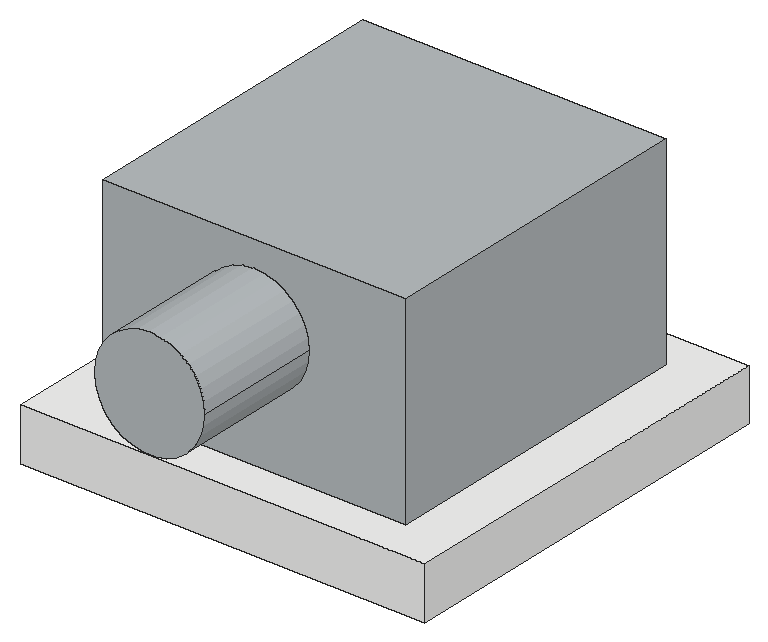
Revit family "v-251bz5_50Hz", category 機械設備, Revit 2019
Family settings
  丸型コネクタ寸法 = 直径を使用
  パーツ タイプ = 標準
  OmniClass 番号 = 23.75.35.17.27
  OmniClass タイトル = Centrifugal Fans
  作業面ベース = いいえ
  常に垂直 = はい
  ロード時にボイドで切り取り = いいえ
  共有 = いいえ
  部屋計算ポイント = はい
Parameters (values of type "V-251BZ5")
  騒音レベル(dB(A)) [instance] = 44
  風量 [instance] = 170.0 m³/h
  電源種別 [instance] = ""
  電圧 = 200 V
  電動機出力 = 0 W
  電動機_種別 [instance] = ""
  運転質量 = 0.00 kg
  連動 [instance] = ""
  質量 = if(製品質量 > 運転質量, 製品質量, 運転質量) * 1.2  # 8.88 kg
  負荷分類 = 3_ファン類
  説明 = "バス乾燥・暖房・換気システム コンパクトタイプ"
  設計風量 [instance] = 0.0 m³/h
  設置方法 = "カセット形"
  記号 [instance] = ""
  製造元 = "三菱電機株式会社"
  製品質量 = 7.40 kg
  製品出荷対象 = "国内"
  製品リリース年月 = "2022年6月1日"
  製品グループ = ""
  系統 [instance] = ""
  符号 [instance] = if(☑給気／□排気, "FS", "FE")  # "FE"
  積算_科目 = "2 換気設備"
  積算_拾い区分 [instance] = ""
  相 = 1
  盤記号 [instance] = ""
  発停方法 [instance] = ""
  特殊仕様 [instance] = ""
  点検口離隔 = 150 mm
  点検口_Depth = 450 mm
  点検口 = yes
  火災停止 [instance] = ""
  消費電力 = 1900 W
  法定耐用年数 = "10"
  機外静圧 [instance] = 0.0 Pa
  極数 = 3
  材質 [instance] = ""
  操作・制御方式 = ""
  操作・制御スイッチ = ""
  排気量 [instance] = if(☑給気／□排気, 0.0 m³/h, 設計風量)  # 0.0 m³/h
  形式 = ""
  幹線記号 [instance] = ""
  対象室 [instance] = ""
  実風量 [instance] = 0.0 m³/h
  始動方式 [instance] = "直入"
  本体固定用穴ピッチ2 = 324 mm
  本体固定用穴ピッチ1 = 210 mm
  外気量 [instance] = if(☑給気／□排気, 設計風量, 0.0 m³/h)  # 0.0 m³/h
  呼称 = "天井扇"
  周波数 = 50 Hz
  参照している仕様書等のバージョン = ""
  分類コード = "50052503100080"
  分類グループ = ""
  価格 = 163700
  企業コード = "108420"
  付属品_防振装置 = ""
  付属品 [instance] = ""
  仕様書バージョン = "Version1.0"
  モデル = "V-251BZ5"
  マテリアル = 亜鉛メッキ鋼板
  ファンの種類 = ""
  ダクト径 = 100 mm
  コメント [instance] = ""
  Keynote = ""
  カバーマテリアル = 合成樹脂(白)
  ☑給気／□排気 [instance] = no
  Width = 270 mm
  W1 = 360 mm
  Version = ""
  Uniclass2015Version = "Systems v1.9"
  Uniclass2015Title = "Centrifugal fans"
  Uniclass2015Code = "Pr_65_67_29_12"
  URL = "https://www.mitsubishielectric.co.jp/ldg/wink/ssl/displayProduct.do?pid=320493"
  SpecificationReference = ""
  SpecificationDescription = ""
  Revision = ""
  ProductInformation = ""
  OmniClassCode = "23-33 31 19 11 15"
  MIN風量 = 100.0 m³/h
  MIN静圧 = 0.0 Pa
  MID風量 = 170.0 m³/h
  MID静圧 = 0.0 Pa
  MAX風量 = 170.0 m³/h
  MAX静圧 = 0.0 Pa
  IfcTypeProduct = ""
  IfcProduct = ""
  IfcExportType = "PROPELLORAXIAL"
  IfcExportAs = "IfcFanType"
  Height = 180 mm
  H2 = 108 mm
  H1 = 47 mm
  EAサイズ_D = 98 mm
  Depth = 290 mm
  D2 = 116 mm
  D1 = 360 mm
  Author = "三菱電機株式会社"
Reference planes
  plane 1 "中心(正面/背面)": y = 0
  plane 2: z = 0
  plane 3 "中心(左/右)": x = 0
  plane 4: x = -180
  plane 5: x = 180
  plane 6: y = 180
  plane 7: y = -180
  plane 8: x = -135
  plane 9: x = 135
  plane 10: y = 145
  plane 11: y = -145
  plane 12: y = -261
  plane 13: z = 180
  plane 14: z = -47
  plane 15: z = 108
  plane 16: x = -105
  plane 17: x = 105
  plane 18: y = 162
  plane 19: y = -162
  plane 20: x = -162
  plane 21: x = 162
  plane 22: y = 105
  plane 23: y = -105
  plane 24: x = -285
  plane 25: x = -735
  plane 26: y = 225
  plane 27: y = -225
Forms (mm)
  Extrusion 1, solid, material "亜鉛メッキ鋼板" <- "マテリアル", detail levels fine
    sketch origin (0, 0, 0) x (1, 0, 0) y (0, 1, 0)
      loop
        line (-135, 145) -> (-135, -145) -> (135, -145) -> (135, 145) -> (-135, 145)
    from 0 to 180
  Extrusion 2, solid, material "合成樹脂(白)" <- "カバーマテリアル", detail levels fine
    sketch origin (0, 0, 0) x (1, 0, 0) y (0, 1, 0)
      loop
        line (-180, 180) -> (-180, -180) -> (180, -180) -> (180, 180) -> (-180, 180)
    from 0 to -47
  Extrusion 3, solid, material "亜鉛メッキ鋼板" <- "マテリアル", detail levels fine
    sketch origin (0, 0, 0) x (1, 0, 0) y (0, 0, 1)
      loop
        circle (0, 108) r 49
    from 145 to 261
Dimensions and locks
  equal spacing: plane 4, plane 3 "中心(左/右)", plane 5
  "W1": plane 4 to plane 5
  equal spacing: plane 6, plane 1 "中心(正面/背面)", plane 7
  "D1": plane 6 to plane 7
  equal spacing: plane 8, plane 3 "中心(左/右)", plane 9
  "Width": plane 8 to plane 9
  equal spacing: plane 10, plane 1 "中心(正面/背面)", plane 11
  "Depth": plane 10 to plane 11
  "D2": plane 11 to plane 12
  "Height": plane 13 to plane 2
  "H2": plane 15 to plane 2
  equal spacing: plane 16, plane 3 "中心(左/右)", plane 17
  "本体固定用穴ピッチ1": plane 16 to plane 17
  equal spacing: plane 18, plane 1 "中心(正面/背面)", plane 19
  "本体固定用穴ピッチ2": plane 18 to plane 19
  "H1": plane 2 to plane 14
  equal spacing: plane 22, plane 1 "中心(正面/背面)", plane 23
  equal spacing: plane 20, plane 3 "中心(左/右)", plane 21
  "本体固定用穴ピッチ2": plane 20 to plane 21
  equal spacing: plane 26, plane 1 "中心(正面/背面)", plane 27
  "点検口_Depth": plane 26 to plane 27
  "点検口_Depth": plane 25 to plane 24
  "点検口離隔": plane 24 to plane 8
  "本体固定用穴ピッチ1": plane 22 to plane 23
  "EAサイズ_D": diameter of Extrusion 3 sketch curve
  aligned and locked: level to plane 2
  aligned and locked: plane 5 to Extrusion 2
  aligned and locked: plane 6 to Extrusion 2
  aligned and locked: Extrusion 2 to plane 4
  aligned and locked: Extrusion 2 to plane 7
  aligned and locked: plane 9 to Extrusion 1
  aligned and locked: Extrusion 1 to plane 11
  aligned and locked: Extrusion 1 to plane 8
  aligned and locked: plane 10 to Extrusion 1
  aligned and locked: plane 13 to Extrusion 1
  aligned and locked: Extrusion 2 to plane 14
  aligned and locked: level to Extrusion 2
  aligned and locked: Extrusion 1 to level
  aligned and locked: Extrusion 3 to plane 12
  aligned and locked: plane 11 to Extrusion 3
  aligned and locked: nested 2 to plane 16
  aligned and locked: nested 2 to plane 17
  aligned and locked: nested 2 to plane 19
  aligned and locked: plane 18 to nested 2
  aligned and locked: nested 3 to plane 22
  aligned and locked: nested 3 to plane 23
  aligned and locked: plane 20 to nested 3
  aligned and locked: plane 21 to nested 3
  aligned and locked: plane 24 to nested 4
  aligned and locked: plane 25 to nested 4
  aligned and locked: plane 26 to nested 4
  aligned and locked: plane 27 to nested 4
Automatic sketch dimensions
  Extrusion 1 sketch curve to plane 3 "中心(左/右)" = 135 mm
  plane 3 "中心(左/右)" to Extrusion 1 sketch curve = 135 mm
  Extrusion 2 sketch curve to plane 3 "中心(左/右)" = 180 mm
  plane 3 "中心(左/右)" to Extrusion 2 sketch curve = 180 mm
  plane 1 "中心(正面/背面)" to Extrusion 1 sketch curve = 145 mm
  Extrusion 1 sketch curve to plane 1 "中心(正面/背面)" = 145 mm
  plane 1 "中心(正面/背面)" to Extrusion 2 sketch curve = 180 mm
  Extrusion 2 sketch curve to plane 1 "中心(正面/背面)" = 180 mm
  Extrusion 3 sketch curve to plane 3 "中心(左/右)" = 0 mm
  Extrusion 3 sketch curve to plane 15 = 0 mm
Nested families
  nested 1: "記号_天井換気扇_平面" at (0, 0, 0), type "記号_天井換気扇_平面", detail levels coarse+medium
  nested 2: "固定点" at (-105, -162, 0), type "固定点"
    with W 210 mm, D 324 mm
  nested 3: "固定点" at (-162, -105, 0), type "固定点"
    with W 324 mm, D 210 mm
  nested 4: "点検口設置範囲" at (-510, 0, 0), visible <- "点検口", type "点検口設置範囲"
    with Width 450 mm, Depth 450 mm
Connectors
  hvac at (0, -261, 108), driven by "ダクト径", driven by "風量", driven by "機外静圧"
    settings: on Extrusion 3, index 1, duct flow 170.0 m³/h, flow factor 0, pres drop 0.0 Pa, loss coef 0, conn angle 0.00°, conn width 304.8 mm, conn height 304.8 mm, conn diameter 100 mm, duct sys type 3, conn prof type 0, flow config 0, flow direction 2, loss method 4, conn ref index -1, conn util no, is conn primary yes, conn desc ""
  electrical at (0, 0, 180), driven by "極数", driven by "負荷分類", driven by "電圧", driven by "消費電力"
    settings: on Extrusion 1, index 3, voltage 200 V, apparent load 1900 VA, apparent load phase1 0 VA, apparent load phase2 0 VA, apparent load phase3 0 VA, power factor 1, load classification "3_ファン類", number of poles 3, system type 30, power factor state 1, is connector primary yes, connector utility no, sub classification motor no, connector description ""
Definition of nested family "記号_天井換気扇_平面"
  Reference planes
    plane 1: y = 0
    plane 2: x = 0
  Lines and regions (mm)
    detail lines
      curve 1: line (-2.5, 2.5, 0) -> (2.5, 2.5, 0)
      curve 2: line (-2.5, -2.5, 0) -> (-2.5, 2.5, 0)
      curve 3: line (2.5, -2.5, 0) -> (-2.5, -2.5, 0)
      curve 4: line (2.5, 2.5, 0) -> (2.5, -2.5, 0)
      curve 5: circle (-1.04, -1.04, 0) r 1.46 normal (0, 0, 1)
      curve 6: circle (1.04, 1.04, 0) r 1.46 normal (0, 0, 1)
      curve 7: line (-3.125, 3.125, 0) -> (3.125, 3.125, 0)
      curve 8: line (-3.125, -3.125, 0) -> (-3.125, 3.125, 0)
      curve 9: line (3.125, -3.125, 0) -> (-3.125, -3.125, 0)
      curve 10: line (3.125, 3.125, 0) -> (3.125, -3.125, 0)
      curve 11: circle (1.295, 1.295, 0) r 1.83 normal (0, 0, 1)
      curve 12: circle (-1.295, -1.295, 0) r 1.83 normal (0, 0, 1)
      curve 13: line (-2, 2, 0) -> (2, 2, 0)
      curve 14: line (-2, -2, 0) -> (-2, 2, 0)
      curve 15: line (2, -2, 0) -> (-2, -2, 0)
      curve 16: line (2, 2, 0) -> (2, -2, 0)
      curve 17: circle (0.84, 0.84, 0) r 1.16 normal (0, 0, 1)
      curve 18: circle (-0.84, -0.84, 0) r 1.2 normal (0, 0, 1)
Definition of nested family "固定点"
  Parameters (values of type "固定点")
    中心円 = 20 mm
    W [instance] = 1000 mm
    D [instance] = 1000 mm
  Reference planes
    plane 1 "中心(正面/背面)": y = 0
    plane 2: z = 0
    plane 3 "中心(左/右)": x = 0
    plane 4: x = 1000
    plane 5: y = 1000
  Lines and regions (mm)
    symbolic lines, detail levels fine
      curve 1: circle (0, 1000, 0) r 10 normal (0, 0, 1)
      curve 2: circle (0, 0, 0) r 10 normal (0, 0, 1)
      curve 3: circle (1000, 1000, 0) r 10 normal (0, 0, 1)
      curve 4: circle (1000, 0, 0) r 10 normal (0, 0, 1)
      curve 5: line (-200, 1000, 0) -> (1200, 1000, 0)
      curve 6: line (-200, 0, 0) -> (1200, 0, 0)
      curve 7: line (0, 1200, 0) -> (0, -200, 0)
      curve 8: line (1000, 1200, 0) -> (1000, -200, 0)
  Dimensions and locks
    "W": plane 3 "中心(左/右)" to plane 4
    "D": plane 1 "中心(正面/背面)" to plane 5
    "中心円": diameter of curve 1
    "中心円": diameter of curve 2
    "中心円": diameter of curve 3
    "中心円": diameter of curve 4
    aligned and locked: level to plane 2
    aligned and locked: plane 5 to curve 1
    aligned and locked: plane 3 "中心(左/右)" to curve 1
    aligned and locked: plane 3 "中心(左/右)" to curve 2
    aligned and locked: plane 1 "中心(正面/背面)" to curve 2
    aligned and locked: plane 4 to curve 3
    aligned and locked: plane 5 to curve 3
    aligned and locked: plane 1 "中心(正面/背面)" to curve 4
    aligned and locked: plane 4 to curve 4
    aligned and locked: plane 1 "中心(正面/背面)" to curve 6
    aligned and locked: curve 7 to plane 3 "中心(左/右)"
    aligned and locked: curve 8 to plane 4
  Automatic sketch dimensions
    curve 5 to plane 5 = 0 mm
    curve 6 to plane 3 "中心(左/右)" = 200 mm
    curve 5 to plane 3 "中心(左/右)" = 200 mm
    curve 4 to curve 6 = 200 mm
    curve 3 to curve 5 = 200 mm
    plane 1 "中心(正面/背面)" to curve 8 = 200 mm
    plane 1 "中心(正面/背面)" to curve 7 = 200 mm
    curve 3 to curve 8 = 200 mm
    curve 1 to curve 7 = 200 mm
Definition of nested family "点検口設置範囲"
  Parameters (values of type "点検口設置範囲")
    Width [instance] = 1000 mm
    Depth [instance] = 700 mm
  Reference planes
    plane 1 "中心(正面/背面)": y = 0
    plane 2: z = 0
    plane 3 "中心(左/右)": x = 0
    plane 4: x = -500
    plane 5: x = 500
    plane 6: y = -350
    plane 7: y = 350
  Lines and regions (mm)
    model lines
      curve 1: line (-500, 350, 0) -> (500, 350, 0)
      curve 2: line (-500, -350, 0) -> (-500, 350, 0)
      curve 3: line (500, -350, 0) -> (-500, -350, 0)
      curve 4: line (500, 350, 0) -> (500, -350, 0)
  Dimensions and locks
    "Depth": plane 7 to plane 6
    "Width": plane 4 to plane 5
    equal spacing: plane 7, plane 1 "中心(正面/背面)", plane 6
    equal spacing: plane 4, plane 3 "中心(左/右)", plane 5
    aligned and locked: level to plane 2
    aligned and locked: plane 4 to curve 2
    aligned and locked: curve 1 to plane 7
    aligned and locked: curve 4 to plane 5
    aligned and locked: plane 6 to curve 3
